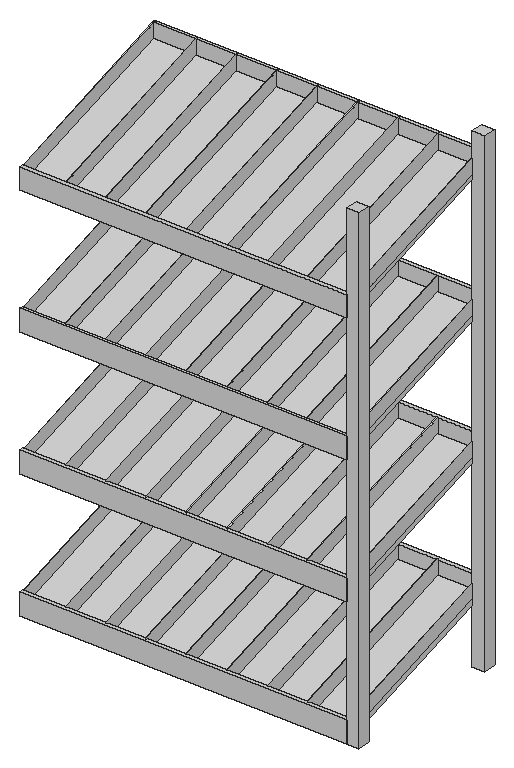
Revit family "WS39", category Specialty Equipment, Revit 2012
Parameters (values of type "Wide Span Gravity Feed Add-On (Default)")
  URL = "http://madixinc.com/store/widespan/core.html"
  Model = "Wide Span"
  Manufacturer = "© 2012 Madix, Inc. All rights reserved."
  Gravity Feed Channels [instance] = yes
  Width = 4' - 0"
  Shelf Depth = 2' - 0"
Reference planes (in)
  plane 1 "Center (Front/Back)": y = 0
  plane 2: z = 0
  plane 3 "Center (Left/Right)": x = 0
  plane 4: x = 23.125
  plane 5: x = -23.125
  plane 6: y = 12
  plane 7: y = -12
  plane 8: x = -23.0625
  plane 9: x = -24.875
  plane 10: x = 24.875
  plane 11: x = -24
  plane 12: x = 24
Forms (in)
  Extrusion 1, solid, material "Metal - Steel"
    sketch origin (0, 0, 0) x (0, 1, 0) y (0, 0, 1)
      loop
        line (-12, 0) -> (-11.25, 0) -> (-11.25, 0.25) -> (11.75, 8.25) -> (11.75, 8) -> (12, 8) -> (12, 11) -> (11.5, 11) -> (11.5, 9) -> (-11.5, 1) -> (-11.5, 3) -> (-12, 3) -> (-12, 0)
    from -23.125 to 23.125
  Extrusion 2, solid, material "Metal - Steel"
    sketch origin (0, 0, 0) x (1, 0, 0) y (0, 1, 0)
      loop
        line (23.125, 12) -> (23.125, 10.25) -> (24.875, 10.25) -> (24.875, 12) -> (23.125, 12)
      loop
        line (23.125, -12) -> (24.875, -12) -> (24.875, -10.25) -> (23.125, -10.25) -> (23.125, -12)
    from 0 to 68
  Extrusion 3, solid, material "Metal - Steel"
    sketch origin (0, 0, 18) x (0, 1, 0) y (0, 0, 1)
      loop
        line (-12, 0) -> (-11.5, 0) -> (-11.5, 0.25) -> (11.5, 8.25) -> (11.5, 8) -> (12, 8) -> (12, 11) -> (11.5, 11) -> (11.5, 9) -> (-11.5, 1) -> (-11.5, 3) -> (-12, 3) -> (-12, 0)
    from -23.125 to 23.125
  Extrusion 4, solid, material "Metal - Steel"
    sketch origin (0, 0, 36) x (0, 1, 0) y (0, 0, 1)
      loop
        line (-12, 0) -> (-11.5, 0) -> (-11.5, 0.25) -> (11.5, 8.25) -> (11.5, 8) -> (12, 8) -> (12, 11) -> (11.5, 11) -> (11.5, 9) -> (-11.5, 1) -> (-11.5, 3) -> (-12, 3) -> (-12, 0)
    from -23.125 to 23.125
  Extrusion 5, solid, material "Metal - Steel"
    sketch origin (0, 0, 54) x (0, 1, 0) y (0, 0, 1)
      loop
        line (-12, 0) -> (-11.5, 0) -> (-11.5, 0.25) -> (11.5, 8.25) -> (11.5, 8) -> (12, 8) -> (12, 11) -> (11.5, 11) -> (11.5, 9) -> (-11.5, 1) -> (-11.5, 3) -> (-12, 3) -> (-12, 0)
    from -23.125 to 23.125
  Extrusion 6, solid, material "Metal - Steel", visible <- "Gravity Feed Channels"
    sketch origin (0, 0.25, 0) x (0, 1, 0) y (0, 0, 1)
      loop
        line (11.5, 11) -> (-11.5, 3) -> (-11.5, 1) -> (11.5, 9) -> (11.5, 11)
      loop
        line (11.5, 29) -> (-11.5, 21) -> (-11.5, 19) -> (11.5, 27) -> (11.5, 29)
      loop
        line (11.5, 47) -> (-11.5, 39) -> (-11.5, 37) -> (11.5, 45) -> (11.5, 47)
      loop
        line (11.5, 63) -> (11.5, 65) -> (-11.5, 57) -> (-11.5, 55) -> (11.5, 63)
    from -23.125 to -23.0625
  Extrusion 7, solid, material "Metal - Steel", visible <- "Gravity Feed Channels"
    sketch origin (0, 0, 0) x (0, 1, 0) y (0, 0, -1)
      loop
        line (11.5, -11) -> (11.5, -9) -> (-11.5, -1) -> (-11.5, -3) -> (11.5, -11)
      loop
        line (11.5, -29) -> (11.5, -27) -> (-11.5, -19) -> (-11.5, -21) -> (11.5, -29)
      loop
        line (11.5, -47) -> (11.5, -45) -> (-11.5, -37) -> (-11.5, -39) -> (11.5, -47)
      loop
        line (11.75, -63) -> (-11.25, -55) -> (-11.25, -57) -> (11.75, -65) -> (11.75, -63)
    from -23.125 to -23.0625
  Extrusion 8, solid, material "Metal - Steel", visible <- "Gravity Feed Channels"
    sketch origin (23.125, 0, 0) x (0, 1, 0) y (0, 0, 1)
      loop
        line (11.5, 11) -> (-11.5, 3) -> (-11.5, 1) -> (11.5, 9) -> (11.5, 11)
      loop
        line (11.5, 29) -> (-11.5, 21) -> (-11.5, 19) -> (11.5, 27) -> (11.5, 29)
      loop
        line (11.5, 47) -> (-11.5, 39) -> (-11.5, 37) -> (11.5, 45) -> (11.5, 47)
      loop
        line (11.75, 63) -> (11.75, 65) -> (-11.25, 57) -> (-11.25, 55) -> (11.75, 63)
    from -23.125 to -23.0625
  Extrusion 9, solid, material "Metal - Steel", visible <- "Gravity Feed Channels"
    sketch origin (-11.5625, 0, 0) x (0, 1, 0) y (0, 0, -1)
      loop
        line (11.5, -11) -> (11.5, -9) -> (-11.5, -1) -> (-11.5, -3) -> (11.5, -11)
      loop
        line (11.5, -29) -> (11.5, -27) -> (-11.5, -19) -> (-11.5, -21) -> (11.5, -29)
      loop
        line (11.5, -47) -> (11.5, -45) -> (-11.5, -37) -> (-11.5, -39) -> (11.5, -47)
      loop
        line (11.75, -63) -> (-11.25, -55) -> (-11.25, -57) -> (11.75, -65) -> (11.75, -63)
    from -23.125 to -23.0625
  Extrusion 10, solid, material "Metal - Steel", visible <- "Gravity Feed Channels"
    sketch origin (28.90625, 0, 0) x (0, 1, 0) y (0, 0, 1)
      loop
        line (11.5, 11) -> (-11.5, 3) -> (-11.5, 1) -> (11.5, 9) -> (11.5, 11)
      loop
        line (11.5, 29) -> (-11.5, 21) -> (-11.5, 19) -> (11.5, 27) -> (11.5, 29)
      loop
        line (11.5, 47) -> (-11.5, 39) -> (-11.5, 37) -> (11.5, 45) -> (11.5, 47)
      loop
        line (11.75, 63) -> (11.75, 65) -> (-11.25, 57) -> (-11.25, 55) -> (11.75, 63)
    from -23.125 to -23.0625
  Extrusion 11, solid, material "Metal - Steel", visible <- "Gravity Feed Channels"
    sketch origin (-5.90625, 0, 0) x (0, 1, 0) y (0, 0, -1)
      loop
        line (11.5, -11) -> (11.5, -9) -> (-11.5, -1) -> (-11.5, -3) -> (11.5, -11)
      loop
        line (11.5, -29) -> (11.5, -27) -> (-11.5, -19) -> (-11.5, -21) -> (11.5, -29)
      loop
        line (11.5, -47) -> (11.5, -45) -> (-11.5, -37) -> (-11.5, -39) -> (11.5, -47)
      loop
        line (11.75, -63) -> (-11.25, -55) -> (-11.25, -57) -> (11.75, -65) -> (11.75, -63)
    from -23.125 to -23.0625
  Extrusion 12, solid, material "Metal - Steel", visible <- "Gravity Feed Channels"
    sketch origin (11.6875, 0, 0) x (0, 1, 0) y (0, 0, 1)
      loop
        line (11.5, 11) -> (-11.5, 3) -> (-11.5, 1) -> (11.5, 9) -> (11.5, 11)
      loop
        line (11.5, 29) -> (-11.5, 21) -> (-11.5, 19) -> (11.5, 27) -> (11.5, 29)
      loop
        line (11.5, 47) -> (-11.5, 39) -> (-11.5, 37) -> (11.5, 45) -> (11.5, 47)
      loop
        line (11.75, 63) -> (11.75, 65) -> (-11.25, 57) -> (-11.25, 55) -> (11.75, 63)
    from -23.125 to -23.0625
  Extrusion 13, solid, material "Metal - Steel", visible <- "Gravity Feed Channels"
    sketch origin (-28.78125, 0, 0) x (0, 1, 0) y (0, 0, -1)
      loop
        line (11.5, -11) -> (11.5, -9) -> (-11.5, -1) -> (-11.5, -3) -> (11.5, -11)
      loop
        line (11.5, -29) -> (11.5, -27) -> (-11.5, -19) -> (-11.5, -21) -> (11.5, -29)
      loop
        line (11.5, -47) -> (11.5, -45) -> (-11.5, -37) -> (-11.5, -39) -> (11.5, -47)
      loop
        line (11.75, -63) -> (-11.25, -55) -> (-11.25, -57) -> (11.75, -65) -> (11.75, -63)
    from -23.125 to -23.0625
  Extrusion 14, solid, material "Metal - Steel", visible <- "Gravity Feed Channels"
    sketch origin (6.03125, 0, 0) x (0, 1, 0) y (0, 0, 1)
      loop
        line (11.5, 11) -> (-11.5, 3) -> (-11.5, 1) -> (11.5, 9) -> (11.5, 11)
      loop
        line (11.5, 29) -> (-11.5, 21) -> (-11.5, 19) -> (11.5, 27) -> (11.5, 29)
      loop
        line (11.5, 47) -> (-11.5, 39) -> (-11.5, 37) -> (11.5, 45) -> (11.5, 47)
      loop
        line (11.75, 63) -> (11.75, 65) -> (-11.25, 57) -> (-11.25, 55) -> (11.75, 63)
    from -23.125 to -23.0625
Dimensions and locks (in)
  equal spacing: plane 6, plane 1 "Center (Front/Back)", plane 7
  "Shelf Depth": plane 6 to plane 7
  plane 9 to plane 11 to plane 5 = 0' - 0 7/8" locked, 0' - 0 7/8" locked
  plane 4 to plane 12 to plane 10 = 0' - 0 7/8" locked, 0' - 0 7/8" locked
  equal spacing: plane 11, plane 3 "Center (Left/Right)", plane 12
  "Width": plane 11 to plane 12
  aligned and locked: level to plane 2
  aligned and locked: plane 4 to Extrusion 1
  aligned and locked: plane 5 to Extrusion 1
  aligned and locked: plane 6 to Extrusion 1
  aligned and locked: plane 7 to Extrusion 1
  aligned and locked: plane 6 to Extrusion 3
  aligned and locked: plane 7 to Extrusion 3
  aligned and locked: plane 4 to Extrusion 3
  aligned and locked: plane 5 to Extrusion 3
  aligned and locked: plane 6 to Extrusion 4
  aligned and locked: plane 4 to Extrusion 4
  aligned and locked: plane 7 to Extrusion 4
  aligned and locked: plane 5 to Extrusion 4
  aligned and locked: plane 6 to Extrusion 5
  aligned and locked: plane 4 to Extrusion 5
  aligned and locked: plane 7 to Extrusion 5
  aligned and locked: plane 5 to Extrusion 5
  aligned and locked: Extrusion 6 to Extrusion 1  (x2)
  aligned and locked: Extrusion 14 to Extrusion 1  (x2)
  aligned and locked: Extrusion 12 to Extrusion 1  (x2)
  aligned and locked: Extrusion 13 to Extrusion 1  (x2)
  aligned and locked: Extrusion 8 to Extrusion 1  (x2)
  aligned and locked: Extrusion 10 to Extrusion 1  (x2)
  aligned and locked: Extrusion 9 to Extrusion 1  (x2)
  aligned and locked: Extrusion 11 to Extrusion 1  (x2)
  aligned and locked: Extrusion 7 to Extrusion 1  (x2)
  aligned and locked: plane 10 to Extrusion 2
Automatic sketch dimensions
  Extrusion 1 sketch curve to level = 0' - 0"
  Extrusion 1 sketch curve to plane 7 = 0' - 0"
  Extrusion 1 sketch curve to plane 6 = 0' - 0"
  Extrusion 1 sketch curve to Extrusion 1 sketch curve = 0' - 0 1/2"  (x2)
  Extrusion 1 sketch curve to Extrusion 1 sketch curve = 0' - 0 3/4"  (x3)
  Extrusion 1 sketch curve to Extrusion 1 sketch curve = 0' - 0 1/4"  (x2)
  level to Extrusion 1 sketch curve = 0' - 0 1/4"
  Extrusion 1 sketch curve to Extrusion 1 sketch curve = 0' - 2"  (x2)
  level to Extrusion 1 sketch curve = 0' - 8"
  Extrusion 2 sketch curve to plane 4 = 0' - 0"  (x2)
  plane 7 to Extrusion 2 sketch curve = 0' - 0"
  Extrusion 2 sketch curve to plane 6 = 0' - 0"
  Extrusion 2 sketch curve to Extrusion 2 sketch curve = 0' - 1 3/4"
  plane 4 to Extrusion 2 sketch curve = 0' - 1 3/4"
  Extrusion 2 sketch curve to plane 7 = 0' - 1 3/4"
  Extrusion 2 sketch curve to plane 6 = 0' - 1 3/4"
  Extrusion 3 sketch curve to plane 7 = 0' - 0"
  Extrusion 3 sketch curve to plane 6 = 0' - 0"
  Extrusion 3 sketch curve to Extrusion 3 sketch curve = 0' - 0 1/2"  (x4)
  level to Extrusion 3 sketch curve = 1' - 6"
  Extrusion 3 sketch curve to Extrusion 3 sketch curve = 0' - 0 1/4"  (x2)
  Extrusion 3 sketch curve to Extrusion 3 sketch curve = 0' - 0 3/4"  (x2)
  Extrusion 3 sketch curve to Extrusion 3 sketch curve = 0' - 2"  (x2)
  level to Extrusion 3 sketch curve = 2' - 2"
  Extrusion 4 sketch curve to plane 7 = 0' - 0"
  Extrusion 4 sketch curve to plane 6 = 0' - 0"
  Extrusion 4 sketch curve to Extrusion 4 sketch curve = 0' - 0 1/2"  (x2)
  Extrusion 4 sketch curve to plane 6 = 0' - 0 1/2"  (x2)
  level to Extrusion 4 sketch curve = 3' - 0"
  Extrusion 4 sketch curve to Extrusion 4 sketch curve = 0' - 0 1/4"  (x2)
  Extrusion 4 sketch curve to Extrusion 4 sketch curve = 0' - 0 3/4"  (x2)
  Extrusion 4 sketch curve to Extrusion 4 sketch curve = 0' - 2"  (x2)
  level to Extrusion 4 sketch curve = 3' - 8"
  Extrusion 5 sketch curve to plane 7 = 0' - 0"
  Extrusion 5 sketch curve to plane 6 = 0' - 0"
  Extrusion 5 sketch curve to plane 7 = 0' - 0 1/2"  (x2)
  Extrusion 5 sketch curve to Extrusion 5 sketch curve = 0' - 0 1/2"  (x2)
  level to Extrusion 5 sketch curve = 4' - 6"
  Extrusion 5 sketch curve to Extrusion 5 sketch curve = 0' - 0 1/4"  (x2)
  Extrusion 5 sketch curve to Extrusion 5 sketch curve = 0' - 0 3/4"  (x2)
  Extrusion 5 sketch curve to Extrusion 5 sketch curve = 0' - 2"  (x2)
  Extrusion 5 sketch curve to Extrusion 5 sketch curve = 0' - 5"
  Extrusion 6 sketch curve to plane 7 = 0' - 0 3/4"  (x4)
  Extrusion 6 sketch curve to plane 6 = 0' - 0 1/4"  (x4)
  level to Extrusion 6 sketch curve = 0' - 1"
  Extrusion 6 sketch curve to Extrusion 6 sketch curve = 0' - 2"  (x8)
  level to Extrusion 6 sketch curve = 0' - 9"
  Extrusion 6 sketch curve to Extrusion 6 sketch curve = 1' - 4"  (x6)
  Extrusion 7 sketch curve to plane 7 = 0' - 0 3/4"
  Extrusion 7 sketch curve to plane 7 = 0' - 0 1/2"  (x3)
  Extrusion 7 sketch curve to plane 6 = 0' - 0 1/2"  (x3)
  Extrusion 7 sketch curve to plane 6 = 0' - 0 1/4"
  level to Extrusion 7 sketch curve = 5' - 5"
  Extrusion 7 sketch curve to Extrusion 7 sketch curve = 0' - 2"  (x7)
  Extrusion 7 sketch curve to Extrusion 7 sketch curve = 0' - 6"
  Extrusion 7 sketch curve to Extrusion 7 sketch curve = 1' - 4"  (x4)
  level to Extrusion 7 sketch curve = 0' - 11"
  level to Extrusion 7 sketch curve = 0' - 3"
  level to Extrusion 7 sketch curve = 0' - 1"
  Extrusion 8 sketch curve to plane 7 = 0' - 0 3/4"
  Extrusion 8 sketch curve to plane 7 = 0' - 0 1/2"  (x3)
  Extrusion 8 sketch curve to plane 6 = 0' - 0 1/2"  (x3)
  Extrusion 8 sketch curve to plane 6 = 0' - 0 1/4"
  level to Extrusion 8 sketch curve = 0' - 1"
  Extrusion 8 sketch curve to Extrusion 8 sketch curve = 0' - 2"  (x8)
  level to Extrusion 8 sketch curve = 0' - 9"
  Extrusion 8 sketch curve to Extrusion 8 sketch curve = 1' - 4"  (x6)
  Extrusion 9 sketch curve to plane 7 = 0' - 0 3/4"
  Extrusion 9 sketch curve to plane 7 = 0' - 0 1/2"  (x3)
  Extrusion 9 sketch curve to plane 6 = 0' - 0 1/2"  (x3)
  Extrusion 9 sketch curve to plane 6 = 0' - 0 1/4"
  level to Extrusion 9 sketch curve = 5' - 5"
  Extrusion 9 sketch curve to Extrusion 9 sketch curve = 0' - 2"  (x7)
  Extrusion 9 sketch curve to Extrusion 9 sketch curve = 0' - 6"
  Extrusion 9 sketch curve to Extrusion 9 sketch curve = 1' - 4"  (x4)
  level to Extrusion 9 sketch curve = 0' - 11"
  level to Extrusion 9 sketch curve = 0' - 3"
  level to Extrusion 9 sketch curve = 0' - 1"
  Extrusion 10 sketch curve to plane 7 = 0' - 0 3/4"
  Extrusion 10 sketch curve to plane 7 = 0' - 0 1/2"  (x3)
  Extrusion 10 sketch curve to plane 6 = 0' - 0 1/2"  (x3)
  Extrusion 10 sketch curve to plane 6 = 0' - 0 1/4"
  level to Extrusion 10 sketch curve = 0' - 1"
  Extrusion 10 sketch curve to Extrusion 10 sketch curve = 0' - 2"  (x8)
  level to Extrusion 10 sketch curve = 0' - 9"
  Extrusion 10 sketch curve to Extrusion 10 sketch curve = 1' - 4"  (x6)
  Extrusion 11 sketch curve to plane 7 = 0' - 0 3/4"
  Extrusion 11 sketch curve to plane 7 = 0' - 0 1/2"  (x3)
  Extrusion 11 sketch curve to plane 6 = 0' - 0 1/2"  (x3)
  Extrusion 11 sketch curve to plane 6 = 0' - 0 1/4"
  level to Extrusion 11 sketch curve = 5' - 5"
  Extrusion 11 sketch curve to Extrusion 11 sketch curve = 0' - 2"  (x7)
  Extrusion 11 sketch curve to Extrusion 11 sketch curve = 0' - 6"
  Extrusion 11 sketch curve to Extrusion 11 sketch curve = 1' - 4"  (x4)
  level to Extrusion 11 sketch curve = 0' - 11"
  level to Extrusion 11 sketch curve = 0' - 3"
  level to Extrusion 11 sketch curve = 0' - 1"
  Extrusion 12 sketch curve to plane 7 = 0' - 0 3/4"
  Extrusion 12 sketch curve to plane 7 = 0' - 0 1/2"  (x3)
  Extrusion 12 sketch curve to plane 6 = 0' - 0 1/2"  (x3)
  Extrusion 12 sketch curve to plane 6 = 0' - 0 1/4"
  level to Extrusion 12 sketch curve = 0' - 1"
  Extrusion 12 sketch curve to Extrusion 12 sketch curve = 0' - 2"  (x8)
  level to Extrusion 12 sketch curve = 0' - 9"
  Extrusion 12 sketch curve to Extrusion 12 sketch curve = 1' - 4"  (x6)
  Extrusion 13 sketch curve to plane 7 = 0' - 0 3/4"
  Extrusion 13 sketch curve to plane 7 = 0' - 0 1/2"  (x3)
  Extrusion 13 sketch curve to plane 6 = 0' - 0 1/2"  (x3)
  Extrusion 13 sketch curve to plane 6 = 0' - 0 1/4"
  level to Extrusion 13 sketch curve = 5' - 5"
  Extrusion 13 sketch curve to Extrusion 13 sketch curve = 0' - 2"  (x7)
  Extrusion 13 sketch curve to Extrusion 13 sketch curve = 0' - 6"
  Extrusion 13 sketch curve to Extrusion 13 sketch curve = 1' - 4"  (x4)
  level to Extrusion 13 sketch curve = 0' - 11"
  level to Extrusion 13 sketch curve = 0' - 3"
  level to Extrusion 13 sketch curve = 0' - 1"
  Extrusion 14 sketch curve to plane 7 = 0' - 0 3/4"
  Extrusion 14 sketch curve to plane 7 = 0' - 0 1/2"  (x3)
  Extrusion 14 sketch curve to plane 6 = 0' - 0 1/2"  (x3)
  Extrusion 14 sketch curve to plane 6 = 0' - 0 1/4"
  level to Extrusion 14 sketch curve = 0' - 1"
  Extrusion 14 sketch curve to Extrusion 14 sketch curve = 0' - 2"  (x8)
  level to Extrusion 14 sketch curve = 0' - 9"
  Extrusion 14 sketch curve to Extrusion 14 sketch curve = 1' - 4"  (x6)
